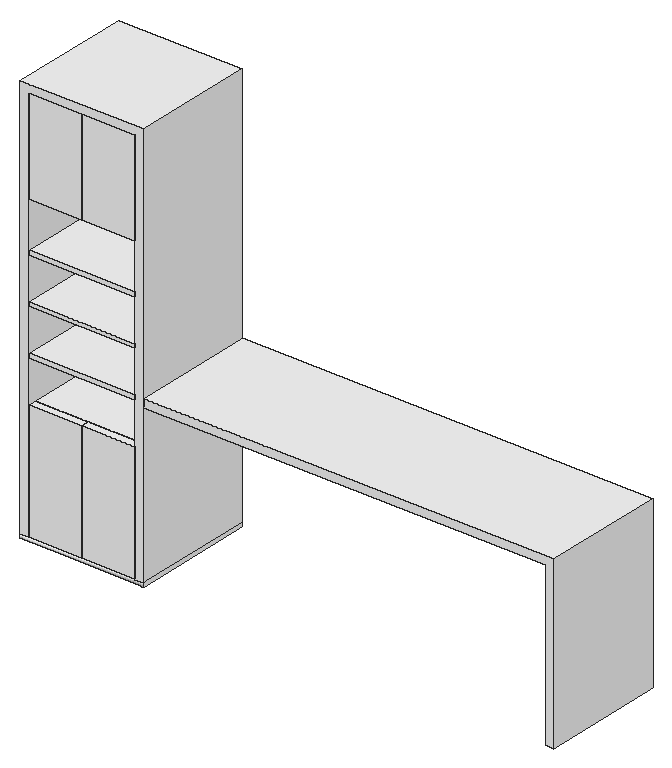
Revit family
Parameters (values of type "2600x2000")
  Width = 2600 mm
  Top Swing Drawer = 500 mm
  Joinery Thickness S = 20 mm
  Joinery Thickness = 40 mm
  Height = 2000 mm
  Depth = 600 mm
  Dawer W = 600 mm
  Bottom Drawer = 600 mm
  Assembly Code = ""
Reference planes
  plane 1 "Center (Front/Back)": y = 0
  plane 2: z = 0
  plane 3 "Center (Left/Right)": x = 0
  plane 4: y = -600
  plane 5: x = -1300
  plane 6: x = 1300
  plane 7: z = 2000
  plane 8: z = 20
  plane 9: y = -40
  plane 10: x = -1260
  plane 11: x = 1260
  plane 12: y = -560
  plane 13: z = 1960
  plane 14: z = 22
  plane 15: x = -1000
  plane 16: x = -700
  plane 17: z = 560
  plane 18: x = -740
  plane 19: z = 600
  plane 20: z = 1500
  plane 21: z = 42
  plane 22: z = 1520
  plane 23: z = 825
  plane 24: z = 1050
  plane 25: z = 1275
  plane 26: z = 805
  plane 27: z = 1030
  plane 28: z = 1255
  plane 29: z = 785
Forms (mm)
  Extrusion 1, solid, material "Go PU trang"
    sketch origin (0, 0, 0) x (1, 0, 0) y (0, 0, 1)
      loop
        line (-1300, 22) -> (-1260, 22) -> (-1260, 1960) -> (-740, 1960) -> (-740, 20) -> (-700, 20) -> (-700, 2000) -> (-1300, 2000) -> (-1300, 22)
      loop
        line (1260, 0) -> (1300, 0) -> (1300, 825) -> (-698, 825) -> (-698, 785) -> (1260, 785) -> (1260, 0)
    from 0 to 600
  Extrusion 2, solid, material "Go PU trang"
    sketch origin (0, 0, 0) x (0, 1, 0) y (0, 0, 1)
      loop
        line (0, 20) -> (-590, 20)
        arc (-590, 20) -> (-600, 10) -> (-590, 0) r 10
        line (-590, 0) -> (0, 0) -> (0, 20)
    from -1300 to -700
  Extrusion 3, solid
    sketch origin (0, 0, 0) x (1, 0, 0) y (0, 0, 1)
      loop
        line (-1260, 1960) -> (-1260, 0) -> (-740, 0) -> (-740, 1960) -> (-1260, 1960)
    from 0 to 40
  Extrusion 4, solid, material "Go PU trang"
    sketch origin (1441.329, -560, 1200) x (1, 0, 0) y (0, 0, 1)
      loop
        line (-2701.329, 760) -> (-2701.329, 300) -> (-2442.329, 300) -> (-2442.329, 760) -> (-2701.329, 760)
      loop
        line (-2440.329, 760) -> (-2440.329, 300) -> (-2181.329, 300) -> (-2181.329, 760) -> (-2440.329, 760)
      loop
        line (-2701.329, -600) -> (-2701.329, -1178) -> (-2442.329, -1178) -> (-2442.329, -600) -> (-2701.329, -600)
      loop
        line (-2440.329, -600) -> (-2440.329, -1178) -> (-2181.329, -1178) -> (-2181.329, -600) -> (-2440.329, -600)
    from 0 to 40
  Extrusion 5, solid, material "Go PU trang"
    sketch origin (1441.329, -560, 1200) x (1, 0, 0) y (0, 0, 1)
      loop
        line (-2701.329, -600) -> (-2701.329, -640) -> (-2181.329, -640) -> (-2181.329, -600) -> (-2701.329, -600)
      loop
        line (-2701.329, 300) -> (-2181.329, 300) -> (-2181.329, 320) -> (-2701.329, 320) -> (-2701.329, 300)
    from 0 to -520
  Extrusion 6, solid, material "Go PU trang"
    sketch origin (1441.329, -560, 1200) x (1, 0, 0) y (0, 0, 1)
      loop
        line (-2701.329, -375) -> (-2701.329, -395) -> (-2181.329, -395) -> (-2181.329, -375) -> (-2701.329, -375)
      loop
        line (-2701.329, -170) -> (-2181.329, -170) -> (-2181.329, -150) -> (-2701.329, -150) -> (-2701.329, -170)
      loop
        line (-2181.329, 55) -> (-2181.329, 75) -> (-2701.329, 75) -> (-2701.329, 55) -> (-2181.329, 55)
    from 40 to -520
Lines and regions (mm)
  Masking region 1
    outline origin (-725.252, -1524, 1550) x (-1, 0, 0) y (0, -1, 0)
      loop
        line (574.748, -1524) -> (574.748, -924) -> (-2025.252, -924) -> (-2025.252, -1524) -> (574.748, -1524)
      loop
        spline (-1765.728, -1174) -> (-1757.209, -1224.332) -> (-1732.531, -1270.715) -> (-1693.85, -1309.957) -> (-1644.092, -1339.671) -> (-1586.643, -1358.186) -> (-1525.252, -1364.476) -> (-1463.861, -1358.187) -> (-1406.414, -1339.671) -> (-1356.653, -1309.958) -> (-1317.971, -1270.723) -> (-1293.288, -1224.333) -> (-1284.777, -1174)
        spline (-1284.777, -1174) -> (-1293.296, -1123.668) -> (-1317.974, -1077.285) -> (-1356.655, -1038.043) -> (-1406.413, -1008.329) -> (-1463.862, -989.814) -> (-1525.252, -983.524) -> (-1586.644, -989.813) -> (-1644.091, -1008.329) -> (-1693.852, -1038.042) -> (-1732.534, -1077.277) -> (-1757.217, -1123.667) -> (-1765.728, -1174)
  symbolic lines
    curve 1: line (-700, 0, 1550) -> (-700, -600, 1550)
Dimensions and locks
  "Depth": plane 4 to plane 1 "Center (Front/Back)"
  "Height": plane 7 to plane 2
  "Joinery Thickness S": plane 8 to plane 2
  "Joinery Thickness": plane 5 to plane 10
  "Joinery Thickness": plane 11 to plane 6
  "Joinery Thickness": plane 9 to plane 1 "Center (Front/Back)"
  "Joinery Thickness": plane 4 to plane 12
  "Joinery Thickness": plane 7 to plane 13
  locked: plane 14 to plane 8 at 2
  "Joinery Thickness": plane 19 to plane 17
  "Bottom Drawer": plane 19 to plane 2
  locked: plane 21 to plane 14 at 20
  "Top Swing Drawer": plane 7 to plane 20
  "Joinery Thickness": plane 18 to plane 16
  equal spacing: plane 20, plane 25, plane 24, plane 23, plane 19
  locked: plane 23 to plane 26 at 20
  locked: plane 24 to plane 27 at 20
  locked: plane 25 to plane 28 at 20
  "Width": plane 5 to plane 6
  equal spacing: plane 5, plane 3 "Center (Left/Right)", plane 6
  "Dawer W": plane 5 to plane 16
  equal spacing: plane 16, plane 15, plane 5
  locked: plane 23 to plane 29 at 40
  Extrusion 1 to level = 825 mm
  aligned and locked: plane 5 to Extrusion 1 sketch curve
  aligned and locked: Extrusion 1 sketch curve to plane 14
  aligned and locked: plane 10 to Extrusion 1 sketch curve
  aligned and locked: plane 11 to Extrusion 1 sketch curve
  aligned and locked: plane 6 to Extrusion 1 sketch curve
  aligned: plane 12 to Extrusion 1
  aligned and locked: plane 1 "Center (Front/Back)" to Extrusion 2 sketch curve  (x2)
  aligned and locked: plane 8 to Extrusion 2 sketch curve
  aligned and locked: Extrusion 2 to plane 5
  aligned: plane 6 to Extrusion 2
  aligned and locked: Extrusion 1 to Extrusion 3 sketch curve
  aligned and locked: Extrusion 3 sketch curve to Extrusion 1
  aligned: Extrusion 3 sketch curve to Extrusion 1
  aligned and locked: Extrusion 3 to plane 1 "Center (Front/Back)"
  aligned and locked: plane 9 to Extrusion 3
  aligned and locked: plane 4 to Extrusion 4
  aligned: Extrusion 2 to Extrusion 1
  aligned and locked: plane 18 to Extrusion 3
  aligned and locked: plane 10 to Extrusion 5 sketch curve
  aligned and locked: Extrusion 5 sketch curve to plane 19
  aligned and locked: plane 17 to Extrusion 5 sketch curve
  aligned and locked: Extrusion 5 sketch curve to plane 18
  aligned and locked: Extrusion 5 to plane 9
  aligned and locked: plane 4 to Extrusion 1
  aligned and locked: Extrusion 6 to plane 9
  aligned: plane 12 to Extrusion 6
  aligned and locked: plane 4 to Extrusion 6
  aligned and locked: plane 16 to Extrusion 2
Automatic sketch dimensions
  Extrusion 2 sketch curve to level = 0 mm
  Extrusion 2 sketch curve to plane 4 = 10 mm
  plane 5 to Extrusion 4 sketch curve = 40 mm
  Extrusion 4 sketch curve to plane 14 = 0 mm  (x2)
  Extrusion 4 sketch curve to plane 20 = 0 mm  (x2)
  Extrusion 4 sketch curve to plane 16 = 40 mm
  Extrusion 4 sketch curve to plane 15 = 1 mm  (x2)
  plane 15 to Extrusion 4 sketch curve = 1 mm  (x2)
  plane 17 to Extrusion 4 sketch curve = 40 mm
  Extrusion 4 sketch curve to Extrusion 4 sketch curve = 0 mm
  Extrusion 3 sketch curve to plane 16 = 40 mm
  Extrusion 5 sketch curve to plane 10 = 0 mm
  Extrusion 5 sketch curve to plane 18 = 0 mm
  Extrusion 5 sketch curve to plane 20 = 0 mm
  Extrusion 5 sketch curve to plane 22 = 0 mm
  Extrusion 4 sketch curve to plane 10 = 0 mm
  Extrusion 4 sketch curve to plane 13 = 0 mm  (x2)
  Extrusion 4 sketch curve to plane 18 = 0 mm
  Extrusion 1 sketch curve to plane 18 = 0 mm
  plane 16 to Extrusion 1 sketch curve = 2 mm
  Extrusion 1 sketch curve to plane 7 = 0 mm
  Extrusion 1 sketch curve to plane 16 = 0 mm
  Extrusion 1 sketch curve to plane 8 = 0 mm
  plane 17 to Extrusion 1 sketch curve = 225 mm
  plane 19 to Extrusion 1 sketch curve = 225 mm
  Extrusion 1 sketch curve to plane 13 = 0 mm
  Extrusion 6 sketch curve to plane 10 = 0 mm  (x3)
  Extrusion 6 sketch curve to plane 18 = 0 mm  (x3)
  Extrusion 6 sketch curve to plane 26 = 0 mm
  Extrusion 6 sketch curve to plane 23 = 0 mm
  Extrusion 6 sketch curve to plane 27 = 0 mm
  Extrusion 6 sketch curve to plane 24 = 0 mm
  Extrusion 6 sketch curve to plane 28 = 0 mm
  Extrusion 6 sketch curve to plane 25 = 0 mm
  plane 4 to curve 1 = 0 mm
  curve 1 to plane 16 = 0 mm
  plane 1 "Center (Front/Back)" to curve 1 = 0 mm
  plane 1 "Center (Front/Back)" to Masking region 1 sketch curve = 0 mm
  Masking region 1 sketch curve to plane 6 = 0 mm
  plane 4 to Masking region 1 sketch curve = 0 mm
  Masking region 1 sketch curve to plane 5 = 0 mm
  Extrusion 1 sketch curve to level = 0 mm
  Extrusion 3 sketch curve to level = 0 mm
